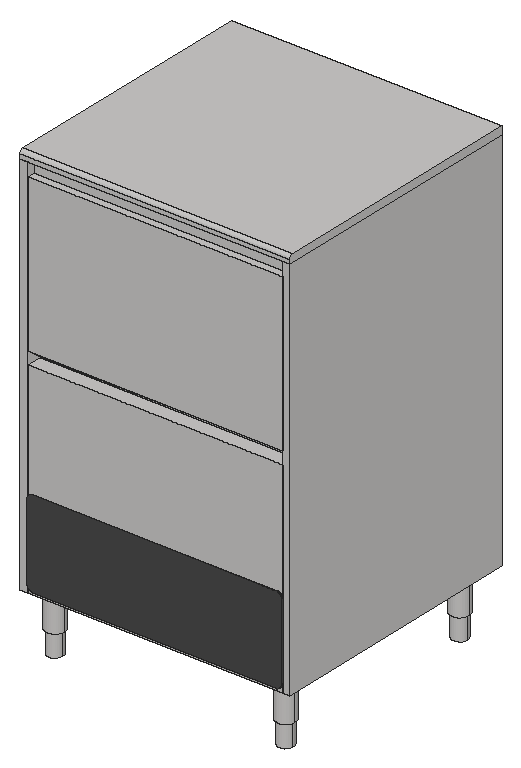
Revit family "QF_ZANUSSI_730329_ICC112I60SNP", category Attrezzature speciali, Revit 2018
Family settings
  Quota connettore circolare = Usa diametro
  Tipo di parte = Normale
  Basato su piano di lavoro = No
  Sempre verticale = Sì
  Taglio con vuoti quando caricato = No
  Condiviso = No
  Punto di calcolo locali = No
Parameters (values of type "Standard")
  Weight = 81.00 kg
  Watts = 0 W
  Volts = 220 V
  URL Manufacturer = "http://www.zanussiprofessional.com"
  URL = "http://www.zanussiprofessional.com"
  Steam Supply Size = 0 mm
  Steam Supply Minimum Pressure = 0.0 Pa
  Steam Supply Maximum Pressure = 0.0 Pa
  Steam Pounds per Hour = 0
  Show Logo [instance] = yes
  Show Clearance [instance] = yes
  Refrigeration Suction Line Size = 0 mm
  Refrigeration Liquid Line Size = 0 mm
  Refrigerant Compressor Remote = yes
  Produttore = "Zanussi"
  Phase = 1
  Modello = "ICC112I60SNP"
  Length Actual = 715 mm  # constant formula
  Item Number = "730329"
  Hot Water Size = 0 mm
  Height Actual = 1149 mm  # constant formula
  HP = "0 HP"
  Gas Size = 0 mm
  Gas KW = 0
  Gas Input Pressure = 0 W
  Descrizione = "AIR COOLED ICE CUBER 40GR 112KG/24H-BIN 60KG"
  Depth Actual = 700 mm  # constant formula
  Cycle = 50 Hz
  Condensate Return Size = 0 mm
  Compressed Air Volume = 0.0 L/s
  Compressed Air Size = 0 mm
  Compressed Air Pressure = 0.0 Pa
  Cold Water Size = 19.05 mm
  Accessory = yes
Reference planes
  plane 1 "Center X": y = 272.851
  plane 2: z = 0
  plane 3 "Center Y": x = -501.5
  plane 4 "LEFT": x = -859
  plane 5 "RIGHT": x = -144
  plane 6 "FRONT": y = -77.649
  plane 7 "BACK": y = 623.351
  plane 8: z = 154
  plane 9: z = 1198
  plane 10: z = 1178
  plane 11: x = -839
  plane 12: x = -164
  plane 13: y = -37.649
Forms (mm)
  Extrusion 1, solid, material "QF_Finishes_Black"
    sketch origin (-217.296, -77.649, 371.513) x (-1, 0, 0) y (0, 0, -1)
      loop
        arc (606.704, -20.487) -> (617.311, -16.093) -> (621.704, -5.487) r 15
        line (621.704, -5.487) -> (621.704, 195.469)
        arc (621.704, 195.469) -> (617.311, 206.075) -> (606.704, 210.469) r 15
        line (606.704, 210.469) -> (-38.296, 210.469)
        arc (-38.296, 210.469) -> (-48.903, 206.075) -> (-53.296, 195.469) r 15
        line (-53.296, 195.469) -> (-53.296, -5.487)
        arc (-53.296, -5.487) -> (-48.903, -16.093) -> (-38.296, -20.487) r 15
        line (-38.296, -20.487) -> (606.704, -20.487)
    from 0 to 2
  Extrusion 2, solid, material "QF_Finishes_Stainless Steel"
    sketch origin (-501.5, 0, 0) x (0, 1, 0) y (0, 0, 1)
      loop
        line (623.351, 1178) -> (623.351, 1198) -> (-67.649, 1198)
        arc (-67.649, 1198) -> (-74.72, 1195.071) -> (-77.649, 1188) r 10
        line (-77.649, 1188) -> (-77.649, 1178) -> (623.351, 1178)
    from -357.5 to 357.5
  Extrusion 3, solid, material "QF_Finishes_Stainless Steel"
    sketch origin (-446.7, 623.351, -284.545) x (1, 0, 0) y (0, 0, -1)
      loop
        circle (233.2, -654.545) r 10
    from 0 to 10
  Extrusion 4, solid, material "QF_Finishes_Stainless Steel"
    sketch origin (0, 0, 0) x (1, 0, 0) y (0, 1, 0)
      loop
        line (-859, 623.351) -> (-859, -77.649) -> (-839, -77.649) -> (-839, 623.351) -> (-859, 623.351)
    from 154 to 1178
  Extrusion 5, solid, material "QF_Finishes_Stainless Steel"
    sketch origin (0, 0, 0) x (1, 0, 0) y (0, 1, 0)
      loop
        line (-164, 623.351) -> (-164, -77.649) -> (-144, -77.649) -> (-144, 623.351) -> (-164, 623.351)
    from 154 to 1178
  Extrusion 6, solid, material "QF_Finishes_Stainless Steel"
    sketch origin (0, 0, 0) x (1, 0, 0) y (0, 1, 0)
      loop
        line (-839, 623.351) -> (-839, -37.649) -> (-164, -37.649) -> (-164, 623.351) -> (-839, 623.351)
    from 154 to 1178
  Extrusion 7, solid, material "QF_Finishes_Stainless Steel"
    sketch origin (0, 0, 0) x (1, 0, 0) y (0, 1, 0)
      loop
        line (-839, -77.649) -> (-164, -77.649) -> (-164, -37.649) -> (-839, -37.649) -> (-839, -77.649)
    from 154 to 695.994
  Extrusion 8, solid, material "QF_Finishes_Stainless Steel"
    sketch origin (-501.5, 0, 0) x (0, 1, 0) y (0, 0, 1)
      loop
        line (-37.649, 1178) -> (-57.649, 1178) -> (-57.649, 1142) -> (-77.649, 1142) -> (-77.649, 728.768) -> (-57.649, 728.768) -> (-57.649, 713.768) -> (-37.649, 713.768) -> (-37.649, 1178)
    from -337.5 to 337.5
  Extrusion 9, solid, material "QF_Finishes_Stainless Steel"
    sketch origin (-428.2, 623.351, -395.545) x (1, 0, 0) y (0, 0, -1)
      loop
        circle (233.2, -654.545) r 10
    from 0 to 10
  Extrusion 10, solid, material "QF_Finishes_Stainless Steel"
    sketch origin (-487.7, 623.351, -316.545) x (1, 0, 0) y (0, 0, -1)
      loop
        circle (233.2, -654.545) r 10
    from 0 to 10
Lines and regions (mm)
  Split face 1
    outline origin (-501.5, -57.649, 1178) x (0, 0, -1) y (1, 0, 0)
      loop
        line (5.715, 214.928) -> (30.715, 214.928) -> (30.715, 254.928) -> (5.715, 254.928) -> (5.715, 214.928)
  symbolic lines
    curve 1: line (-859, 623.351, 0) -> (-144, 623.351, 0)
    curve 2: line (-859, -77.649, 0) -> (-859, 623.351, 0)
    curve 3: line (-144, -77.649, 0) -> (-859, -77.649, 0)
    curve 4: line (-144, 623.351, 0) -> (-144, -77.649, 0)
Dimensions and locks
  equal spacing: plane 4 "LEFT", plane 3 "Center Y", plane 5 "RIGHT"
  plane 4 "LEFT" to plane 5 "RIGHT" = 715 mm
  equal spacing: plane 7 "BACK", plane 1 "Center X", plane 6 "FRONT"
  plane 7 "BACK" to plane 6 "FRONT" = 701 mm
  plane 8 to plane 2 = 154 mm
  plane 9 to plane 8 = 1044 mm
  locked: plane 4 "LEFT" to plane 11 at 20
  locked: plane 12 to plane 5 "RIGHT" at 20
  locked: plane 9 to plane 10 at 20
  locked: plane 13 to plane 6 "FRONT" at 40
  aligned and locked: level to plane 2
  aligned and locked: plane 5 "RIGHT" to Extrusion 2
  aligned and locked: Extrusion 2 to plane 4 "LEFT"
  aligned and locked: Extrusion 4 sketch curve to Extrusion 2  (x2)
  aligned and locked: plane 6 "FRONT" to Extrusion 4 sketch curve
  aligned and locked: Extrusion 4 sketch curve to plane 11
  aligned and locked: Extrusion 5 sketch curve to plane 7 "BACK"
  aligned and locked: plane 12 to Extrusion 5 sketch curve
  aligned and locked: Extrusion 5 sketch curve to Extrusion 2  (x2)
  aligned and locked: plane 10 to Extrusion 4
  aligned and locked: plane 10 to Extrusion 5
  aligned and locked: Extrusion 4 to plane 8
  aligned and locked: Extrusion 5 to plane 8
  aligned and locked: Extrusion 6 sketch curve to Extrusion 4
  aligned and locked: Extrusion 4 to Extrusion 6 sketch curve
  aligned and locked: plane 13 to Extrusion 6 sketch curve
  aligned and locked: Extrusion 6 sketch curve to plane 12
  aligned and locked: plane 10 to Extrusion 6
  aligned and locked: Extrusion 6 to plane 8
  aligned and locked: Extrusion 4 to Extrusion 7 sketch curve
  aligned and locked: Extrusion 7 sketch curve to Extrusion 4
  aligned and locked: plane 13 to Extrusion 7 sketch curve
  aligned and locked: plane 12 to Extrusion 7 sketch curve
  aligned and locked: Extrusion 7 to plane 8
  aligned and locked: plane 12 to Extrusion 8
  aligned and locked: Extrusion 8 to plane 11
Automatic sketch dimensions
  curve 3 to plane 4 "LEFT" = 0 mm
  curve 3 to plane 5 "RIGHT" = 0 mm
  curve 3 to plane 6 "FRONT" = 0 mm
  curve 2 to plane 7 "BACK" = 0 mm
  Extrusion 1 sketch curve to plane 12 = 0 mm
  plane 8 to Extrusion 1 sketch curve = 7.044 mm
  Extrusion 1 sketch curve to Extrusion 1 sketch curve = 15 mm  (x3)
  plane 11 to Extrusion 1 sketch curve = 15 mm  (x2)
  Extrusion 1 sketch curve to Extrusion 1 sketch curve = 200.956 mm
  Extrusion 2 sketch curve to plane 6 "FRONT" = 0 mm
  Extrusion 2 sketch curve to plane 9 = 0 mm
  Extrusion 2 sketch curve to plane 7 "BACK" = 0 mm
  Extrusion 2 sketch curve to plane 10 = 0 mm
  plane 6 "FRONT" to Extrusion 2 sketch curve = 10 mm
  Extrusion 6 to Extrusion 3 sketch curve = 216 mm
  Extrusion 3 sketch curve to Extrusion 6 = 49.5 mm
  Extrusion 8 sketch curve to plane 6 "FRONT" = 0 mm
  Extrusion 8 sketch curve to plane 10 = 0 mm
  Extrusion 8 sketch curve to plane 13 = 0 mm
  plane 6 "FRONT" to Extrusion 8 sketch curve = 20 mm  (x2)
  Extrusion 8 sketch curve to plane 10 = 36 mm
  Extrusion 8 sketch curve to Extrusion 8 sketch curve = 413.232 mm
  Extrusion 8 sketch curve to Extrusion 8 sketch curve = 15 mm
  Split face 1 sketch curve to Extrusion 8 = 5.715 mm
  Extrusion 8 to Split face 1 sketch curve = 5.285 mm
  Split face 1 sketch curve to Extrusion 8 = 122.572 mm
  Split face 1 sketch curve to Split face 1 sketch curve = 40 mm
  Extrusion 9 sketch curve to Extrusion 6 = 31 mm
  Extrusion 6 to Extrusion 9 sketch curve = 105 mm
  Extrusion 10 sketch curve to Extrusion 6 = 90.5 mm
  Extrusion 6 to Extrusion 10 sketch curve = 184 mm
  radius of Extrusion 3 sketch curve = 10 mm
  radius of Extrusion 9 sketch curve = 10 mm
  radius of Extrusion 10 sketch curve = 10 mm
Nested families
  nested 1: "Foot_Complete" at (-807, -26.649, 0), type "Foot_Complete"
  nested 2: "Foot_Complete" at (-196, -26.649, 0) x (-1, 0, 0) z (0, 0, 1), type "Foot_Complete"
  nested 3: "Foot_Complete" at (-807, 550.351, 0), type "Foot_Complete"
  nested 4: "Foot_Complete" at (-196, 550.351, 0) x (-1, 0, 0) z (0, 0, 1), type "Foot_Complete"
Connectors
  electrical at (-195, 633.351, 259), driven by "Volts"
    settings: on Extrusion 9, index 1, voltage 220 V, apparent load 0 VA, apparent load phase1 0 VA, apparent load phase2 0 VA, apparent load phase3 0 VA, power factor 1, load classification "Altro", number of poles 1, system type 30, power factor state 1, is connector primary yes, connector utility no, sub classification motor no, connector description "Electrical Connection"
  piping at (-213.5, 633.351, 370), diameter 20
    settings: on Extrusion 3, index 2, connector inside diameter 609.6 mm, connector length 0 mm, flow factor 0, pipe flow 0.0 L/s, pressure drop 0.0 Pa, fitting loss kfactor 0, connector angle 0.00°, fixture units 0, engagement length 0 mm, angle of deflection 0.00°, flow configuration 0, flow direction 0, fitting loss method 0, system type 20, joint type 0, gender type 0, connector reference index -1, connector utility 0, adjustable connector no, is connector primary yes, connector description "Cold water"
  piping at (-254.5, 633.351, 338), diameter 20
    settings: on Extrusion 10, index 3, connector inside diameter 609.6 mm, connector length 0 mm, flow factor 0, pipe flow 0.0 L/s, pressure drop 0.0 Pa, fitting loss kfactor 0, connector angle 0.00°, fixture units 0, engagement length 0 mm, angle of deflection 0.00°, flow configuration 0, flow direction 0, fitting loss method 0, system type 16, joint type 0, gender type 0, connector reference index -1, connector utility 0, adjustable connector no, is connector primary no, connector description "Drain"
Definition of nested family "Foot_Complete"
  Parameters (values of type "Foot_Complete")
    R = 25 mm
    H = 153 mm
  Reference planes
    plane 1 "Centro (Fronte/Retro)": y = 0
    plane 2: z = 0
    plane 3 "Centro (Sinistra/Destra)": x = 0
    plane 4: z = 153
  Forms (mm)
    Revolve 1, solid
      sketch origin (255.05, 0, 608.09) x (0, 0, 1) y (-1, 0, 0)
        loop
          line (-608.09, 255.05) -> (-608.09, 235.05) -> (-548.09, 235.05) -> (-548.09, 230.05) -> (-455.09, 230.05) -> (-455.09, 255.05) -> (-608.09, 255.05)
        axis (-608.09, 255.05) -> (-455.09, 255.05)
      angle from 0 to 360
  Dimensions and locks
    level to Revolve 1 sketch curve = 60 mm
    "R": Revolve 1 sketch curve to plane 3 "Centro (Sinistra/Destra)"
    "H": plane 4 to level
    aligned and locked: level to plane 2
    aligned and locked: plane 4 to Revolve 1 sketch curve
    aligned and locked: Revolve 1 sketch curve to level
    aligned and locked: plane 3 "Centro (Sinistra/Destra)" to Revolve 1 sketch curve
  Automatic sketch dimensions
    Revolve 1 sketch curve to plane 3 "Centro (Sinistra/Destra)" = 0 mm
    plane 3 "Centro (Sinistra/Destra)" to Revolve 1 sketch curve = 20 mm
    Revolve 1 sketch curve to Revolve 1 sketch curve = 50 mm
    Revolve 1 sketch curve to Revolve 1 sketch curve = 20 mm
